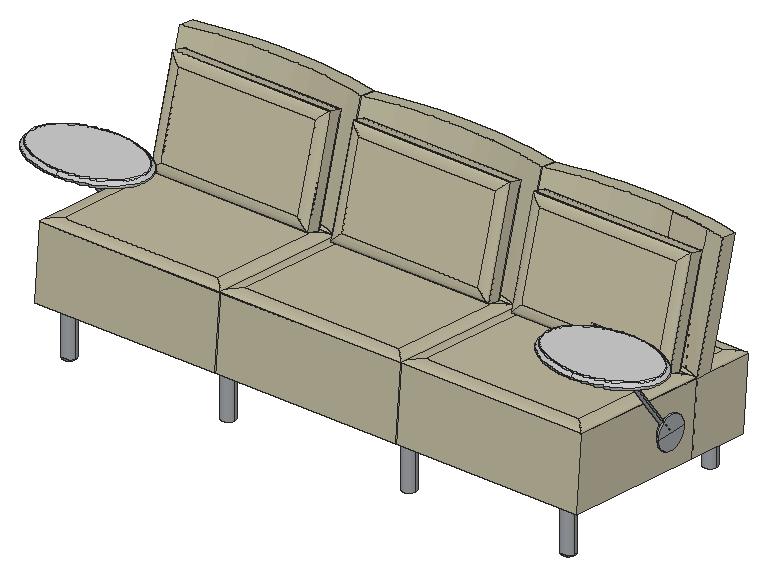
Revit family
Parameters
  URL = "http://www.martinbrattrud.com"
  Table Top [instance] = none
  SCS Certified Product = "Yes"
  Model = "Stonehenge 915-83T"
  Manufacturer = "Martin Brattrud, Inc."
  Leg [instance] = none
  Keynote = "125000"
  Copyright = "© 2013 Martin Brattrud, Inc."
  Chair [instance] = none
  Back Cushion [instance] = none
  Authoring Version = "Revit Architecture 2010"
  Assembly Code = "E2020200"
Reference planes (in)
  plane 1 "Center Front/Back": y = 0
  plane 2: z = 0
  plane 3: x = -13.47209
  plane 4: x = 40.52791
  plane 5: x = 67.52791
  plane 6: x = 13.52791
Forms (in)
  Extrusion 1, solid, material <- "Chair"
    sketch origin (0, 0.52946, 5.84845) x (0, -0.995927, 0.090161) y (-1, 0, 0)
      loop
        line (-14.83695, -13.52791) -> (-5.2106, -13.52791) -> (-5.2106, 13.47209) -> (-14.83695, 13.47209) -> (-14.83695, -13.52791)
    from -10.4513 to -0.00014
  Extrusion 2, solid, material <- "Chair"
    sketch origin (0, 10.90822, 4.90887) x (0, 0.995927, -0.090161) y (1, 0, 0)
      loop
        line (-26.7106, 13.52791) -> (-26.7106, -13.47209) -> (-5.2106, -13.47209) -> (-5.2106, 13.52791) -> (-26.7106, 13.52791)
    from -10.4513 to 0.00024
  Sweep 3, solid, material <- "Chair"
    path in 3D
      loop
        line (13.52791, -14.7513, 17.72585) -> (13.52791, 6.66113, 15.7874) -> (-13.47209, 6.66113, 15.7874) -> (-13.47209, -14.7513, 17.72585) -> (13.52791, -14.7513, 17.72585)
    profile origin (0.02791, -14.7513, 17.72585) x (0, 0.995927, -0.090161) y (0, 0.090161, 0.995927)
      loop
        line (2.03125, 0) -> (2.03125, 0.52839)
        spline (2.03125, 0.52839) -> (1.7702, 0.52387) -> (1.51361, 0.51039) -> (1.26588, 0.48817) -> (1.03125, 0.4576) -> (0.81373, 0.4192) -> (0.61704, 0.37363) -> (0.44454, 0.32166) -> (0.2992, 0.2642) -> (0.18349, 0.20221) -> (0.0994, 0.13676) -> (0.04836, 0.06897) -> (0.03125, 0)
        line (0.03125, 0) -> (2.03125, 0)
  Extrusion 4, solid, material <- "Chair"
    sketch origin (0, 0, 0) x (0, 1, 0) y (0, 0, 1)
      loop
        line (4.68579, 16.49677) -> (-12.68069, 18.06895) -> (-12.72833, 17.54271) -> (4.63815, 15.97053) -> (4.68579, 16.49677)
    from -11.44084 to 11.49666
  Sweep 5, solid, material <- "Chair"
    path in 3D
      loop
        line (-13.47209, 16.24828, 14.91948) -> (-13.47209, 6.66113, 15.7874) -> (13.52791, 6.66113, 15.7874) -> (13.52791, 16.24828, 14.91948) -> (-13.47209, 16.24828, 14.91948)
    profile origin (0.02791, 16.24828, 14.91948) x (0, -0.995927, 0.090161) y (0, 0.090161, 0.995927)
      loop
        line (2.03125, 0) -> (2.03125, 0.45358)
        spline (2.03125, 0.45358) -> (1.7702, 0.4497) -> (1.51361, 0.43812) -> (1.26588, 0.41905) -> (1.03125, 0.39281) -> (0.81373, 0.35985) -> (0.61704, 0.32073) -> (0.44454, 0.27612) -> (0.2992, 0.22679) -> (0.18349, 0.17358) -> (0.0994, 0.11739) -> (0.04836, 0.0592) -> (0.03125, 0)
        line (0.03125, 0) -> (2.03125, 0)
  Extrusion 6, solid, material <- "Chair"
    sketch origin (0, 0, 0) x (0, 1, 0) y (0, 0, 1)
      loop
        line (9.98768, 30.76355) -> (8.06607, 31.31925) -> (3.89659, 16.90046) -> (5.81732, 16.34476) -> (9.98768, 30.76355)
    from -11.75 to 11.75
  Sweep 7, solid, material <- "Chair"
    path in 3D
      loop
        line (-11.75, 8.06607, 31.31925) -> (-11.75, 3.89659, 16.90046) -> (11.75, 3.89659, 16.90046) -> (11.75, 8.06607, 31.31925) -> (-11.75, 8.06607, 31.31925)
    profile origin (0, 8.06607, 31.31925) x (0, -0.277789, -0.960642) y (0, -0.960642, 0.277789)
      loop
        line (0.03125, 0) -> (1.53125, 0) -> (1.53125, 0.46962)
        spline (1.53125, 0.46962) -> (1.33546, 0.4656) -> (1.14302, 0.45362) -> (0.95722, 0.43387) -> (0.78125, 0.4067) -> (0.61811, 0.37258) -> (0.47059, 0.33207) -> (0.34122, 0.28589) -> (0.23221, 0.23481) -> (0.14543, 0.17972) -> (0.08236, 0.12155) -> (0.04408, 0.0613) -> (0.03125, 0)
  Extrusion 8, solid, material <- "Chair"
    sketch origin (0, 0, 0) x (0, 1, 0) y (0, 0, 1)
      loop
        line (7.64071, 29.84827) -> (7.18957, 29.97873) -> (3.87082, 18.5019) -> (4.32195, 18.37145) -> (7.64071, 29.84827)
    from -10.21875 to 10.21875
  Extrusion 9, solid, material <- "Back Cushion"
    sketch origin (0, 9.59309, 33.0573) x (0, -0.960379, 0.278698) y (-1, 0, 0)
      loop
        line (-4.41407, -13.52791) -> (-2.01313, -13.52791)
        spline (-2.01313, -13.52791) -> (-2.62012, -11.33193) -> (-3.11901, -9.10663) -> (-3.5085, -6.85778) -> (-3.78759, -4.59121) -> (-3.95553, -2.31278) -> (-4.01191, -0.02841) -> (-3.95658, 2.25599) -> (-3.78967, 4.5345) -> (-3.51163, 6.80122) -> (-3.12317, 9.05026) -> (-2.6253, 11.27581) -> (-2.01931, 13.47209)
        line (-2.01931, 13.47209) -> (-4.42025, 13.47209)
        spline (-4.42025, 13.47209) -> (-5.02624, 11.27581) -> (-5.52412, 9.05026) -> (-5.91258, 6.80122) -> (-6.19062, 4.5345) -> (-6.35753, 2.25599) -> (-6.41286, -0.02841) -> (-6.35648, -2.31278) -> (-6.18853, -4.59121) -> (-5.90945, -6.85778) -> (-5.51996, -9.10663) -> (-5.02107, -11.33193) -> (-4.41407, -13.52791)
    from -2.42207 to 17.57683
  Extrusion 10, void
    sketch origin (0, 0, 0) x (0, 1, 0) y (0, 0, 1)
      loop
        line (16.47346, 31.64061) -> (16.894, 34.06774) -> (11.72108, 34.96404) -> (11.30054, 32.5369) -> (16.47346, 31.64061)
      loop
        line (6.40792, 15.81305) -> (6.22512, 13.81373) -> (12.28534, 13.25965) -> (12.46814, 15.25896) -> (6.40792, 15.81305)
    from -15.22442 to 73.16292
  Extrusion 11, solid, material <- "Leg"
    sketch origin (-23.80249, 0, 0) x (1, 0, 0) y (0, 1, 0)
      loop
        circle (37.30583, -13.20254) r 1
    from 0.25 to 7.25
  Revolve 12, solid, material <- "Leg"
    sketch origin (-10.25, 0, 0) x (0, 1, 0) y (0, 0, 1)
      loop
        line (-12.20254, 0.25) -> (-13.20254, 0.25) -> (-13.20254, 0) -> (-12.45254, 0)
        arc (-12.45254, 0) -> (-12.27577, 0.07322) -> (-12.20254, 0.25) r 0.25
      axis (-13.20254, 0) -> (-13.20254, 0.25)
    angle from 0 to 360
  Revolve 13, solid, material <- "Leg"
    sketch origin (-10.25, 0, 0) x (0, -1, 0) y (0, 0, -1)
      loop
        arc (-12.20254, -0.25) -> (-12.27577, -0.07322) -> (-12.45254, 0) r 0.25
        line (-12.45254, 0) -> (-13.20254, 0) -> (-13.20254, -0.25) -> (-12.20254, -0.25)
      axis (-13.20254, 0) -> (-13.20254, -0.25)
    angle from 0 to 360
  Extrusion 14, solid, material <- "Leg"
    sketch origin (-23.80249, 0, 0) x (1, 0, 0) y (0, 1, 0)
      loop
        circle (37.30583, 13.20254) r 1
    from 0.25 to 4.90693
  Sweep 15, solid, material <- "Chair"
    path in 3D
      loop
        line (11.49666, 8.725, 16.05599) -> (11.49666, 8.68411, 15.60426)
    profile origin (11.49666, 8.70456, 15.83012) x (0, -0.995927, 0.090161) y (-1, 0, 0)
      loop
        line (0, 22.88167) -> (-5.56385, 22.88167) -> (-5.56385, 0) -> (0, 0) -> (0, 22.88167)
  Sweep 16, solid, material <- "Chair"
    path in 3D
      loop
        line (-10.21875, 7.18957, 29.97873) -> (-10.21875, 7.64071, 29.84827)
    profile origin (-10.21875, 7.41514, 29.9135) x (0, -0.277789, -0.960642) y (-1, 0, 0)
      loop
        line (0, 0) -> (0, -20.4375) -> (11.94703, -20.4375) -> (11.94703, 0) -> (0, 0)
  Sweep 17, solid, material <- "Chair"
    path in 3D
      loop
        line (-11.75, 9.98768, 30.76355) -> (-11.75, 5.81771, 16.3449) -> (11.75, 5.81771, 16.3449) -> (11.75, 9.98768, 30.76355) -> (-11.75, 9.98768, 30.76355)
    profile origin (0, 9.98768, 30.76355) x (0, 0.277821, 0.960633) y (0, 0.960633, -0.277821)
      loop
        spline (-0.03125, 0) -> (-0.04408, 0.0613) -> (-0.08236, 0.12155) -> (-0.14543, 0.17972) -> (-0.23221, 0.23481) -> (-0.34122, 0.28589) -> (-0.47059, 0.33207) -> (-0.61811, 0.37258) -> (-0.78125, 0.4067) -> (-0.95722, 0.43387) -> (-1.14302, 0.45362) -> (-1.33546, 0.4656) -> (-1.53125, 0.46962)
        line (-1.53125, 0.46962) -> (-1.53125, 0) -> (-0.03125, 0)
  Extrusion 18, solid, material <- "Chair"
    sketch origin (0, 0.0924, -0.02672) x (0, -0.845649, 0.53374) y (0, -0.53374, -0.845649)
      loop
        line (7.64071, -29.84827) -> (4.32195, -18.37145) -> (3.87082, -18.5019) -> (7.18957, -29.97873) -> (7.64071, -29.84827)
    from -10.21875 to 10.21875
  Sweep 19, solid, material <- "Chair"
    path in 3D
      loop
        line (-10.21875, 9.56227, 29.29258) -> (-10.21875, 10.0134, 29.16211)
    profile origin (-10.21875, 9.78783, 29.22734) x (0, -0.277821, -0.960633) y (-1, 0, 0)
      loop
        line (0, 0) -> (0, -20.4375) -> (11.94703, -20.4375) -> (11.94703, 0) -> (0, 0)
  Extrusion 20, solid, material <- "Back Cushion"
    sketch origin (26.94417, 9.59309, 33.0573) x (0, -0.960379, 0.278698) y (-1, 0, 0)
      loop
        line (-4.39712, -13.58374) -> (-1.99617, -13.58374)
        spline (-1.99617, -13.58374) -> (-2.60592, -11.38858) -> (-3.10759, -9.16396) -> (-3.4999, -6.91564) -> (-3.78182, -4.64944) -> (-3.95262, -2.37124) -> (-4.01186, -0.08694) -> (-3.95939, 2.19753) -> (-3.79534, 4.47627) -> (-3.52013, 6.74336) -> (-3.13449, 8.99293) -> (-2.6394, 11.21916) -> (-2.03616, 13.41626)
        line (-2.03616, 13.41626) -> (-4.43711, 13.41626)
        spline (-4.43711, 13.41626) -> (-5.04035, 11.21916) -> (-5.53543, 8.99293) -> (-5.92108, 6.74336) -> (-6.19628, 4.47627) -> (-6.36034, 2.19753) -> (-6.41281, -0.08694) -> (-6.35357, -2.37124) -> (-6.18277, -4.64944) -> (-5.90085, -6.91564) -> (-5.50854, -9.16396) -> (-5.00686, -11.38858) -> (-4.39712, -13.58374)
    from -2.42207 to 17.57683
  Extrusion 21, solid, material <- "Chair"
    sketch origin (26.94417, 10.90822, 4.90887) x (0, 0.995927, -0.090161) y (1, 0, 0)
      loop
        line (-26.7106, 13.58374) -> (-26.7106, -13.41626) -> (-5.2106, -13.41626) -> (-5.2106, 13.58374) -> (-26.7106, 13.58374)
    from -10.4513 to 0.00024
  Extrusion 22, solid, material <- "Chair"
    sketch origin (26.94417, 0.52946, 5.84845) x (0, -0.995927, 0.090161) y (-1, 0, 0)
      loop
        line (-14.83695, -13.58374) -> (-5.2106, -13.58374) -> (-5.2106, 13.41626) -> (-14.83695, 13.41626) -> (-14.83695, -13.58374)
    from -10.4513 to -0.00014
  Sweep 23, solid, material <- "Chair"
    path in 3D
      loop
        line (40.52791, -14.7513, 17.72585) -> (40.52791, 6.66113, 15.7874) -> (13.47209, 6.66113, 15.7874) -> (13.47209, -14.7513, 17.72585) -> (40.52791, -14.7513, 17.72585)
    profile origin (27, -14.7513, 17.72585) x (0, 0.995927, -0.090161) y (0, 0.090161, 0.995927)
      loop
        line (2.03125, 0) -> (2.03125, 0.52839)
        spline (2.03125, 0.52839) -> (1.7702, 0.52387) -> (1.51361, 0.51039) -> (1.26588, 0.48817) -> (1.03125, 0.4576) -> (0.81373, 0.4192) -> (0.61704, 0.37363) -> (0.44454, 0.32166) -> (0.2992, 0.2642) -> (0.18349, 0.20221) -> (0.0994, 0.13676) -> (0.04836, 0.06897) -> (0.03125, 0)
        line (0.03125, 0) -> (2.03125, 0)
  Extrusion 24, solid, material <- "Chair"
    sketch origin (26.94417, 0, 0) x (0, 1, 0) y (0, 0, 1)
      loop
        line (4.68579, 16.49677) -> (-12.68069, 18.06895) -> (-12.72833, 17.54271) -> (4.63815, 15.97053) -> (4.68579, 16.49677)
    from -11.44084 to 11.55249
  Sweep 25, solid, material <- "Chair"
    path in 3D
      loop
        line (13.47209, 16.24828, 14.91948) -> (13.47209, 6.66113, 15.7874) -> (40.52807, 6.66113, 15.7874) -> (40.52807, 16.24828, 14.91948) -> (13.47209, 16.24828, 14.91948)
    profile origin (27.00008, 16.24828, 14.91948) x (0, -0.995927, 0.090161) y (0, 0.090161, 0.995927)
      loop
        line (2.03125, 0) -> (2.03125, 0.45358)
        spline (2.03125, 0.45358) -> (1.7702, 0.4497) -> (1.51361, 0.43812) -> (1.26588, 0.41905) -> (1.03125, 0.39281) -> (0.81373, 0.35985) -> (0.61704, 0.32073) -> (0.44454, 0.27612) -> (0.2992, 0.22679) -> (0.18349, 0.17358) -> (0.0994, 0.11739) -> (0.04836, 0.0592) -> (0.03125, 0)
        line (0.03125, 0) -> (2.03125, 0)
  Sweep 26, solid, material <- "Chair"
    path in 3D
      loop
        line (38.49682, 8.725, 16.05599) -> (38.49682, 8.68411, 15.60426)
    profile origin (38.49682, 8.70456, 15.83012) x (0, -0.995927, 0.090161) y (-1, 0, 0)
      loop
        line (0, 22.99348) -> (-5.56385, 22.99348) -> (-5.56385, 0) -> (0, 0) -> (0, 22.99348)
  Extrusion 27, solid, material <- "Chair"
    sketch origin (26.94417, 0, 0) x (0, 1, 0) y (0, 0, 1)
      loop
        line (9.98768, 30.76355) -> (8.06607, 31.31925) -> (3.89659, 16.90046) -> (5.81732, 16.34476) -> (9.98768, 30.76355)
    from -11.75 to 11.75
  Sweep 28, solid, material <- "Chair"
    path in 3D
      loop
        line (15.19417, 8.06607, 31.31925) -> (15.19417, 3.89659, 16.90046) -> (38.69417, 3.89659, 16.90046) -> (38.69417, 8.06607, 31.31925) -> (15.19417, 8.06607, 31.31925)
    profile origin (26.94417, 8.06607, 31.31925) x (0, -0.277789, -0.960642) y (0, -0.960642, 0.277789)
      loop
        line (0.03125, 0) -> (1.53125, 0) -> (1.53125, 0.46962)
        spline (1.53125, 0.46962) -> (1.33546, 0.4656) -> (1.14302, 0.45362) -> (0.95722, 0.43387) -> (0.78125, 0.4067) -> (0.61811, 0.37258) -> (0.47059, 0.33207) -> (0.34122, 0.28589) -> (0.23221, 0.23481) -> (0.14543, 0.17972) -> (0.08236, 0.12155) -> (0.04408, 0.0613) -> (0.03125, 0)
  Extrusion 29, solid, material <- "Chair"
    sketch origin (26.94417, 0, 0) x (0, 1, 0) y (0, 0, 1)
      loop
        line (7.64071, 29.84827) -> (7.18957, 29.97873) -> (3.87082, 18.5019) -> (4.32195, 18.37145) -> (7.64071, 29.84827)
    from -10.21875 to 10.21875
  Extrusion 30, solid, material <- "Back Cushion"
    sketch origin (26.94417, 9.59309, 33.0573) x (0, -0.960379, 0.278698) y (-1, 0, 0)
      loop
        line (-4.39712, -13.58374) -> (-1.99617, -13.58374)
        spline (-1.99617, -13.58374) -> (-2.60592, -11.38858) -> (-3.10759, -9.16396) -> (-3.4999, -6.91564) -> (-3.78182, -4.64944) -> (-3.95262, -2.37124) -> (-4.01186, -0.08694) -> (-3.95939, 2.19753) -> (-3.79534, 4.47627) -> (-3.52013, 6.74336) -> (-3.13449, 8.99293) -> (-2.6394, 11.21916) -> (-2.03616, 13.41626)
        line (-2.03616, 13.41626) -> (-4.43711, 13.41626)
        spline (-4.43711, 13.41626) -> (-5.04035, 11.21916) -> (-5.53543, 8.99293) -> (-5.92108, 6.74336) -> (-6.19628, 4.47627) -> (-6.36034, 2.19753) -> (-6.41281, -0.08694) -> (-6.35357, -2.37124) -> (-6.18277, -4.64944) -> (-5.90085, -6.91564) -> (-5.50854, -9.16396) -> (-5.00686, -11.38858) -> (-4.39712, -13.58374)
    from -2.42207 to 17.57683
  Sweep 31, solid, material <- "Chair"
    path in 3D
      loop
        line (15.19417, 9.98768, 30.76355) -> (15.19417, 5.81771, 16.3449) -> (38.69417, 5.81771, 16.3449) -> (38.69417, 9.98768, 30.76355) -> (15.19417, 9.98768, 30.76355)
    profile origin (26.94417, 9.98768, 30.76355) x (0, 0.277821, 0.960633) y (0, 0.960633, -0.277821)
      loop
        spline (-0.03125, 0) -> (-0.04408, 0.0613) -> (-0.08236, 0.12155) -> (-0.14543, 0.17972) -> (-0.23221, 0.23481) -> (-0.34122, 0.28589) -> (-0.47059, 0.33207) -> (-0.61811, 0.37258) -> (-0.78125, 0.4067) -> (-0.95722, 0.43387) -> (-1.14302, 0.45362) -> (-1.33546, 0.4656) -> (-1.53125, 0.46962)
        line (-1.53125, 0.46962) -> (-1.53125, 0) -> (-0.03125, 0)
  Extrusion 32, solid, material <- "Chair"
    sketch origin (26.94417, 0.0924, -0.02672) x (0, -0.845649, 0.53374) y (0, -0.53374, -0.845649)
      loop
        line (7.64071, -29.84827) -> (4.32195, -18.37145) -> (3.87082, -18.5019) -> (7.18957, -29.97873) -> (7.64071, -29.84827)
    from -10.21875 to 10.21875
  Sweep 33, solid, material <- "Chair"
    path in 3D
      loop
        line (16.72542, 9.56227, 29.29258) -> (16.72542, 10.0134, 29.16211)
    profile origin (16.72542, 9.78783, 29.22734) x (0, -0.277821, -0.960633) y (-1, 0, 0)
      loop
        line (0, 0) -> (0, -20.4375) -> (11.94703, -20.4375) -> (11.94703, 0) -> (0, 0)
  Extrusion 34, solid, material <- "Leg"
    sketch origin (3.19751, 0, 0) x (1, 0, 0) y (0, 1, 0)
      loop
        circle (37.30583, -13.20254) r 1
    from 0.25 to 7.25
  Extrusion 35, solid, material <- "Leg"
    sketch origin (3.19751, 0, 0) x (1, 0, 0) y (0, 1, 0)
      loop
        circle (37.30583, 13.20254) r 1
    from 0.25 to 4.90693
  Extrusion 36, solid, material <- "Back Cushion"
    sketch origin (53.94417, 9.59309, 33.0573) x (0, -0.960379, 0.278698) y (-1, 0, 0)
      loop
        line (-4.39712, -13.58374) -> (-1.99617, -13.58374)
        spline (-1.99617, -13.58374) -> (-2.60592, -11.38858) -> (-3.10759, -9.16396) -> (-3.4999, -6.91564) -> (-3.78182, -4.64944) -> (-3.95262, -2.37124) -> (-4.01186, -0.08694) -> (-3.95939, 2.19753) -> (-3.79534, 4.47627) -> (-3.52013, 6.74336) -> (-3.13449, 8.99293) -> (-2.6394, 11.21916) -> (-2.03616, 13.41626)
        line (-2.03616, 13.41626) -> (-4.43711, 13.41626)
        spline (-4.43711, 13.41626) -> (-5.04035, 11.21916) -> (-5.53543, 8.99293) -> (-5.92108, 6.74336) -> (-6.19628, 4.47627) -> (-6.36034, 2.19753) -> (-6.41281, -0.08694) -> (-6.35357, -2.37124) -> (-6.18277, -4.64944) -> (-5.90085, -6.91564) -> (-5.50854, -9.16396) -> (-5.00686, -11.38858) -> (-4.39712, -13.58374)
    from -2.42207 to 17.57683
  Extrusion 37, solid, material <- "Chair"
    sketch origin (53.94417, 10.90822, 4.90887) x (0, 0.995927, -0.090161) y (1, 0, 0)
      loop
        line (-26.7106, -13.41626) -> (-5.2106, -13.41626) -> (-5.2106, 13.58374) -> (-26.7106, 13.58374) -> (-26.7106, -13.41626)
    from -10.4513 to 0.00024
  Extrusion 38, solid, material <- "Chair"
    sketch origin (53.94417, 0.52946, 5.84845) x (0, -0.995927, 0.090161) y (-1, 0, 0)
      loop
        line (-14.83695, -13.58374) -> (-5.2106, -13.58374) -> (-5.2106, 13.41626) -> (-14.83695, 13.41626) -> (-14.83695, -13.58374)
    from -10.4513 to -0.00014
  Sweep 39, solid, material <- "Chair"
    path in 3D
      loop
        line (40.47209, 16.24828, 14.91948) -> (40.47209, 6.66113, 15.7874) -> (67.52807, 6.66113, 15.7874) -> (67.52807, 16.24828, 14.91948) -> (40.47209, 16.24828, 14.91948)
    profile origin (54.00008, 16.24828, 14.91948) x (0, -0.995927, 0.090161) y (0, 0.090161, 0.995927)
      loop
        line (2.03125, 0) -> (2.03125, 0.45358)
        spline (2.03125, 0.45358) -> (1.7702, 0.4497) -> (1.51361, 0.43812) -> (1.26588, 0.41905) -> (1.03125, 0.39281) -> (0.81373, 0.35985) -> (0.61704, 0.32073) -> (0.44454, 0.27612) -> (0.2992, 0.22679) -> (0.18349, 0.17358) -> (0.0994, 0.11739) -> (0.04836, 0.0592) -> (0.03125, 0)
        line (0.03125, 0) -> (2.03125, 0)
  Sweep 40, solid, material <- "Chair"
    path in 3D
      loop
        line (65.49682, 8.725, 16.05599) -> (65.49682, 8.68411, 15.60426)
    profile origin (65.49682, 8.70456, 15.83012) x (0, -0.995927, 0.090161) y (-1, 0, 0)
      loop
        line (0, 22.99348) -> (-5.56385, 22.99348) -> (-5.56385, 0) -> (0, 0) -> (0, 22.99348)
  Sweep 41, solid, material <- "Chair"
    path in 3D
      loop
        line (67.41626, -14.7513, 17.72585) -> (67.41626, 6.66113, 15.7874) -> (40.47209, 6.66113, 15.7874) -> (40.47209, -14.7513, 17.72585) -> (67.41626, -14.7513, 17.72585)
    profile origin (53.94417, -14.7513, 17.72585) x (0, 0.995927, -0.090161) y (0, 0.090161, 0.995927)
      loop
        line (2.03125, 0) -> (2.03125, 0.52839)
        spline (2.03125, 0.52839) -> (1.7702, 0.52387) -> (1.51361, 0.51039) -> (1.26588, 0.48817) -> (1.03125, 0.4576) -> (0.81373, 0.4192) -> (0.61704, 0.37363) -> (0.44454, 0.32166) -> (0.2992, 0.2642) -> (0.18349, 0.20221) -> (0.0994, 0.13676) -> (0.04836, 0.06897) -> (0.03125, 0)
        line (0.03125, 0) -> (2.03125, 0)
  Extrusion 42, solid, material <- "Chair"
    sketch origin (53.94417, 0, 0) x (0, 1, 0) y (0, 0, 1)
      loop
        line (4.68579, 16.49677) -> (-12.68069, 18.06895) -> (-12.72833, 17.54271) -> (4.63815, 15.97053) -> (4.68579, 16.49677)
    from -11.44084 to 11.44084
  Extrusion 43, solid, material <- "Chair"
    sketch origin (53.94417, 0, 0) x (0, 1, 0) y (0, 0, 1)
      loop
        line (9.98768, 30.76355) -> (8.06607, 31.31925) -> (3.89659, 16.90046) -> (5.81732, 16.34476) -> (9.98768, 30.76355)
    from -11.75 to 11.75
  Sweep 44, solid, material <- "Chair"
    path in 3D
      loop
        line (42.19417, 8.06607, 31.31925) -> (42.19417, 3.89659, 16.90046) -> (65.69417, 3.89659, 16.90046) -> (65.69417, 8.06607, 31.31925) -> (42.19417, 8.06607, 31.31925)
    profile origin (53.94417, 8.06607, 31.31925) x (0, -0.277789, -0.960642) y (0, -0.960642, 0.277789)
      loop
        line (0.03125, 0) -> (1.53125, 0) -> (1.53125, 0.46962)
        spline (1.53125, 0.46962) -> (1.33546, 0.4656) -> (1.14302, 0.45362) -> (0.95722, 0.43387) -> (0.78125, 0.4067) -> (0.61811, 0.37258) -> (0.47059, 0.33207) -> (0.34122, 0.28589) -> (0.23221, 0.23481) -> (0.14543, 0.17972) -> (0.08236, 0.12155) -> (0.04408, 0.0613) -> (0.03125, 0)
  Extrusion 45, solid, material <- "Chair"
    sketch origin (53.94417, 0, 0) x (0, 1, 0) y (0, 0, 1)
      loop
        line (7.64071, 29.84827) -> (7.18957, 29.97873) -> (3.87082, 18.5019) -> (4.32195, 18.37145) -> (7.64071, 29.84827)
    from -10.21875 to 10.21875
  Extrusion 46, solid, material <- "Back Cushion"
    sketch origin (53.94417, 9.59309, 33.0573) x (0, -0.960379, 0.278698) y (-1, 0, 0)
      loop
        line (-4.39712, -13.58374) -> (-1.99617, -13.58374)
        spline (-1.99617, -13.58374) -> (-2.60592, -11.38858) -> (-3.10759, -9.16396) -> (-3.4999, -6.91564) -> (-3.78182, -4.64944) -> (-3.95262, -2.37124) -> (-4.01186, -0.08694) -> (-3.95939, 2.19753) -> (-3.79534, 4.47627) -> (-3.52013, 6.74336) -> (-3.13449, 8.99293) -> (-2.6394, 11.21916) -> (-2.03616, 13.41626)
        line (-2.03616, 13.41626) -> (-4.43711, 13.41626)
        spline (-4.43711, 13.41626) -> (-5.04035, 11.21916) -> (-5.53543, 8.99293) -> (-5.92108, 6.74336) -> (-6.19628, 4.47627) -> (-6.36034, 2.19753) -> (-6.41281, -0.08694) -> (-6.35357, -2.37124) -> (-6.18277, -4.64944) -> (-5.90085, -6.91564) -> (-5.50854, -9.16396) -> (-5.00686, -11.38858) -> (-4.39712, -13.58374)
    from -2.42207 to 17.57683
  Sweep 47, solid, material <- "Chair"
    path in 3D
      loop
        line (42.19417, 9.98768, 30.76355) -> (42.19417, 5.81771, 16.3449) -> (65.69417, 5.81771, 16.3449) -> (65.69417, 9.98768, 30.76355) -> (42.19417, 9.98768, 30.76355)
    profile origin (53.94417, 9.98768, 30.76355) x (0, 0.277821, 0.960633) y (0, 0.960633, -0.277821)
      loop
        spline (-0.03125, 0) -> (-0.04408, 0.0613) -> (-0.08236, 0.12155) -> (-0.14543, 0.17972) -> (-0.23221, 0.23481) -> (-0.34122, 0.28589) -> (-0.47059, 0.33207) -> (-0.61811, 0.37258) -> (-0.78125, 0.4067) -> (-0.95722, 0.43387) -> (-1.14302, 0.45362) -> (-1.33546, 0.4656) -> (-1.53125, 0.46962)
        line (-1.53125, 0.46962) -> (-1.53125, 0) -> (-0.03125, 0)
  Extrusion 48, solid, material <- "Chair"
    sketch origin (53.94417, 0.0924, -0.02672) x (0, -0.845649, 0.53374) y (0, -0.53374, -0.845649)
      loop
        line (7.64071, -29.84827) -> (4.32195, -18.37145) -> (3.87082, -18.5019) -> (7.18957, -29.97873) -> (7.64071, -29.84827)
    from -10.21875 to 10.21875
  Sweep 49, solid, material <- "Chair"
    path in 3D
      loop
        line (43.72542, 9.56227, 29.29258) -> (43.72542, 10.0134, 29.16211)
    profile origin (43.72542, 9.78783, 29.22734) x (0, -0.277821, -0.960633) y (-1, 0, 0)
      loop
        line (0, 0) -> (0, -20.4375) -> (11.94703, -20.4375) -> (11.94703, 0) -> (0, 0)
  Extrusion 50, solid, material <- "Leg"
    sketch origin (-47.55249, 0, 0) x (1, 0, 0) y (0, 1, 0)
      loop
        circle (37.30583, -13.20254) r 1
    from 0.25 to 7.25
  Extrusion 51, solid, material <- "Leg"
    sketch origin (-47.55249, 0, 0) x (1, 0, 0) y (0, 1, 0)
      loop
        circle (37.30583, 13.20254) r 1
    from 0.25 to 4.90693
  Extrusion 52, solid, material <- "Leg"
    sketch origin (101.60831, 0, 0) x (-1, 0, 0) y (0, -1, 0)
      loop
        circle (37.30583, 13.20254) r 1
    from 0.25 to 7.25
  Extrusion 53, solid, material <- "Leg"
    sketch origin (101.60831, 0, 0) x (-1, 0, 0) y (0, -1, 0)
      loop
        circle (37.30583, -13.20254) r 1
    from 0.25 to 4.90693
  Sweep 54, solid, material <- "Leg"
    path in 3D
      loop
        line (-13.80104, 1.09765, 11.15112) -> (-13.80104, -8.45386, 24.29765)
    profile origin (-13.80104, -3.67811, 17.72438) x (-1, 0, 0) y (0, -0.809017, -0.587785)
      loop
        circle (0, 0) r 0.27955
  Extrusion 55, solid, material <- "Leg"
    sketch origin (0, 0.00575, 0) x (1, 0, 0) y (0, 1, 0)
      loop
        circle (-13.80104, -8.22748) r 2
    from 24.00353 to 24.12853
  Revolve 56, solid, material <- "Leg"
    sketch origin (0, 0.00575, 11.375) x (-1, 0, 0) y (0, 1, 0)
      loop
        line (14.38, -1.5074) -> (14.38, 0.8676) -> (13.47209, 0.8676) -> (13.47209, -1.0074) -> (14.13, -1.0074) -> (14.13, -1.5074) -> (14.38, -1.5074)
      axis (13.47209, 0.8676) -> (14.38, 0.8676)
    angle from 0 to 360
  Sweep 57, solid, material <- "Table Top"
    path in 3D
      loop
        spline (-11.44171, -2.2374, 24.12853) -> (-9.11234, -2.44185, 24.12853) -> (-6.94171, -3.04125, 24.12853) -> (-5.07775, -3.99476, 24.12853) -> (-3.64748, -5.2374, 24.12853) -> (-2.74838, -6.68449, 24.12853) -> (-2.44171, -8.2374, 24.12853) -> (-2.74838, -9.79032, 24.12853) -> (-3.64748, -11.2374, 24.12853) -> (-5.07775, -12.48004, 24.12853) -> (-6.94171, -13.43355, 24.12853) -> (-9.11234, -14.03296, 24.12853) -> (-11.44171, -14.2374, 24.12853)
        spline (-11.44171, -14.2374, 24.12853) -> (-13.77108, -14.03296, 24.12853) -> (-15.94171, -13.43355, 24.12853) -> (-17.80567, -12.48004, 24.12853) -> (-19.23594, -11.2374, 24.12853) -> (-20.13504, -9.79032, 24.12853) -> (-20.44171, -8.2374, 24.12853) -> (-20.13504, -6.68449, 24.12853) -> (-19.23594, -5.2374, 24.12853) -> (-17.80567, -3.99476, 24.12853) -> (-15.94171, -3.04125, 24.12853) -> (-13.77108, -2.44185, 24.12853) -> (-11.44171, -2.2374, 24.12853)
    profile origin (-20.44171, -8.2374, 24.12853) x (-1, 0, 0) y (0, 0, 1)
      loop
        line (-2.02252, 0.75) -> (-2.02252, 0) -> (-0.14497, 0)
        arc (-0.14497, 0) -> (-0.03102, 0.07363) -> (-0.05131, 0.20778) r 0.125
        line (-0.05131, 0.20778) -> (-0.49321, 0.70778)
        arc (-0.49321, 0.70778) -> (-0.5355, 0.73896) -> (-0.58687, 0.75) r 0.125
        line (-0.58687, 0.75) -> (-2.02252, 0.75)
  Extrusion 58, solid, material <- "Table Top"
    sketch origin (-19.66919, 5.56364, 0) x (0, 1, 0) y (-1, 0, 0)
      loop
        spline (-17.77853, -8.22748) -> (-17.60557, -10.20118) -> (-17.10964, -12.00095) -> (-16.36085, -13.46955) -> (-15.47705, -14.49272) -> (-14.59987, -15.04411) -> (-13.80104, -15.20497) -> (-13.00222, -15.04411) -> (-12.12504, -14.49272) -> (-11.24124, -13.46955) -> (-10.49245, -12.00095) -> (-9.99652, -10.20118) -> (-9.82356, -8.22748)
        spline (-9.82356, -8.22748) -> (-9.99652, -6.25378) -> (-10.49245, -4.45401) -> (-11.24124, -2.98541) -> (-12.12504, -1.96224) -> (-13.00222, -1.41085) -> (-13.80104, -1.25) -> (-14.59987, -1.41085) -> (-15.47705, -1.96224) -> (-16.36085, -2.98541) -> (-17.10964, -4.45401) -> (-17.60557, -6.25378) -> (-17.77853, -8.22748)
    from 24.12853 to 24.87853
  Revolve 59, solid, material <- "Leg"
    sketch origin (64.30583, 0, 0) x (0, 1, 0) y (0, 0, -1)
      loop
        arc (-12.20254, -0.25) -> (-12.27577, -0.07322) -> (-12.45254, 0) r 0.25
        line (-12.45254, 0) -> (-13.20254, 0) -> (-13.20254, -0.25) -> (-12.20254, -0.25)
      axis (-13.20254, 0) -> (-13.20254, -0.25)
    angle from 0 to 360
  Sweep 60, solid, material <- "Leg"
    path in 3D
      loop
        line (67.85687, 1.09765, 11.15112) -> (67.85687, -8.45386, 24.29765)
    profile origin (67.85687, -3.67811, 17.72438) x (-1, 0, 0) y (0, -0.809017, -0.587785)
      loop
        circle (0, 0) r 0.27955
  Extrusion 61, solid, material <- "Leg"
    sketch origin (54.05583, 0.00575, 0) x (-1, 0, 0) y (0, -1, 0)
      loop
        circle (-13.80104, 8.22748) r 2
    from 24.00353 to 24.12853
  Revolve 62, solid, material <- "Leg"
    sketch origin (54.05583, 0.00575, 11.375) x (1, 0, 0) y (0, 1, 0)
      loop
        line (14.38, -1.5074) -> (14.38, 0.8676) -> (13.47209, 0.8676) -> (13.47209, -1.0074) -> (14.13, -1.0074) -> (14.13, -1.5074) -> (14.38, -1.5074)
      axis (13.47209, 0.8676) -> (14.38, 0.8676)
    angle from 0 to 360
  Sweep 63, solid, material <- "Table Top"
    path in 3D
      loop
        spline (65.49754, -2.2374, 24.12853) -> (63.16817, -2.44185, 24.12853) -> (60.99754, -3.04125, 24.12853) -> (59.13358, -3.99476, 24.12853) -> (57.70331, -5.2374, 24.12853) -> (56.8042, -6.68449, 24.12853) -> (56.49754, -8.2374, 24.12853) -> (56.8042, -9.79032, 24.12853) -> (57.70331, -11.2374, 24.12853) -> (59.13358, -12.48004, 24.12853) -> (60.99754, -13.43355, 24.12853) -> (63.16817, -14.03296, 24.12853) -> (65.49754, -14.2374, 24.12853)
        spline (65.49754, -14.2374, 24.12853) -> (67.82691, -14.03296, 24.12853) -> (69.99754, -13.43355, 24.12853) -> (71.8615, -12.48004, 24.12853) -> (73.29177, -11.2374, 24.12853) -> (74.19087, -9.79032, 24.12853) -> (74.49754, -8.2374, 24.12853) -> (74.19087, -6.68449, 24.12853) -> (73.29177, -5.2374, 24.12853) -> (71.8615, -3.99476, 24.12853) -> (69.99754, -3.04125, 24.12853) -> (67.82691, -2.44185, 24.12853) -> (65.49754, -2.2374, 24.12853)
    profile origin (74.49754, -8.2374, 24.12853) x (-1, 0, 0) y (0, 0, 1)
      loop
        line (2.02252, 0.75) -> (0.58687, 0.75)
        arc (0.58687, 0.75) -> (0.5355, 0.73896) -> (0.49321, 0.70778) r 0.125
        line (0.49321, 0.70778) -> (0.05131, 0.20778)
        arc (0.05131, 0.20778) -> (0.03102, 0.07363) -> (0.14497, 0) r 0.125
        line (0.14497, 0) -> (2.02252, 0) -> (2.02252, 0.75)
  Extrusion 64, solid, material <- "Table Top"
    sketch origin (73.72502, 5.56364, 0) x (0, 1, 0) y (-1, 0, 0)
      loop
        spline (-17.77853, 8.22748) -> (-17.60557, 6.25378) -> (-17.10964, 4.45401) -> (-16.36085, 2.98541) -> (-15.47705, 1.96224) -> (-14.59987, 1.41085) -> (-13.80104, 1.25) -> (-13.00222, 1.41085) -> (-12.12504, 1.96224) -> (-11.24124, 2.98541) -> (-10.49245, 4.45401) -> (-9.99652, 6.25378) -> (-9.82356, 8.22748)
        spline (-9.82356, 8.22748) -> (-9.99652, 10.20118) -> (-10.49245, 12.00095) -> (-11.24124, 13.46955) -> (-12.12504, 14.49272) -> (-13.00222, 15.04411) -> (-13.80104, 15.20497) -> (-14.59987, 15.04411) -> (-15.47705, 14.49272) -> (-16.36085, 13.46955) -> (-17.10964, 12.00095) -> (-17.60557, 10.20118) -> (-17.77853, 8.22748)
    from 24.12853 to 24.87853
Cuts and joins
  Extrusion 10 cuts Extrusion 9
  joined: Sweep 7, Extrusion 8, Sweep 16
  joined: Sweep 17, Extrusion 18, Sweep 19
  joined: Sweep 5, Sweep 15
  Extrusion 10 cuts Extrusion 20
  joined: Sweep 3, Extrusion 4
  joined: Sweep 23, Extrusion 24
  joined: Sweep 25, Sweep 26
  Extrusion 10 cuts Extrusion 30
  joined: Sweep 28, Extrusion 29
  Extrusion 10 cuts Extrusion 46
  Extrusion 10 cuts Extrusion 36
  joined: Sweep 44, Extrusion 45
  joined: Sweep 41, Extrusion 42
  joined: Sweep 39, Sweep 40
  joined: Sweep 57, Extrusion 58
  joined: Sweep 63, Extrusion 64
Lines and regions (in)
  sketch lines
    curve 1: line (-13.47209, -14.7513, 17.72585) -> (13.52791, -14.7513, 17.72585)
    curve 2: line (-13.47209, 6.66113, 15.7874) -> (-13.47209, -14.7513, 17.72585)
    curve 3: line (13.52791, 6.66113, 15.7874) -> (-13.47209, 6.66113, 15.7874)
    curve 4: line (13.52791, -14.7513, 17.72585) -> (13.52791, 6.66113, 15.7874)
    curve 5: line (11.75, 8.06607, 31.31925) -> (-11.75, 8.06607, 31.31925)
    curve 6: line (-11.75, 3.89659, 16.90046) -> (-11.75, 8.06607, 31.31925)
    curve 7: line (11.75, 3.89659, 16.90046) -> (-11.75, 3.89659, 16.90046)
    curve 8: line (11.75, 8.06607, 31.31925) -> (11.75, 3.89659, 16.90046)
    curve 9: line (13.52791, 16.24828, 14.91948) -> (-13.47209, 16.24828, 14.91948)
    curve 10: line (13.52791, 6.66113, 15.7874) -> (13.52791, 16.24828, 14.91948)
    curve 11: line (-13.47209, 6.66113, 15.7874) -> (13.52791, 6.66113, 15.7874)
    curve 12: line (-13.47209, 16.24828, 14.91948) -> (-13.47209, 6.66113, 15.7874)
    curve 13: line (-10.21875, 7.18957, 29.97873) -> (-10.21875, 7.64071, 29.84827)
    curve 14: line (11.75, 9.98768, 30.76355) -> (-11.75, 9.98768, 30.76355)
    curve 15: line (-11.75, 5.81771, 16.3449) -> (-11.75, 9.98768, 30.76355)
    curve 16: line (11.75, 5.81771, 16.3449) -> (-11.75, 5.81771, 16.3449)
    curve 17: line (11.75, 9.98768, 30.76355) -> (11.75, 5.81771, 16.3449)
    curve 18: line (-10.21875, 9.56227, 29.29258) -> (-10.21875, 10.0134, 29.16211)
    curve 19: line (11.49666, 8.725, 16.05599) -> (11.49666, 8.68411, 15.60426)
    curve 20: line (13.47209, -14.7513, 17.72585) -> (40.52791, -14.7513, 17.72585)
    curve 21: line (13.47209, 6.66113, 15.7874) -> (13.47209, -14.7513, 17.72585)
    curve 22: line (40.52791, 6.66113, 15.7874) -> (13.47209, 6.66113, 15.7874)
    curve 23: line (40.52791, -14.7513, 17.72585) -> (40.52791, 6.66113, 15.7874)
    curve 24: line (40.52807, 16.24828, 14.91948) -> (13.47209, 16.24828, 14.91948)
    curve 25: line (40.52807, 6.66113, 15.7874) -> (40.52807, 16.24828, 14.91948)
    curve 26: line (13.47209, 6.66113, 15.7874) -> (40.52807, 6.66113, 15.7874)
    curve 27: line (13.47209, 16.24828, 14.91948) -> (13.47209, 6.66113, 15.7874)
    curve 28: line (38.49682, 8.725, 16.05599) -> (38.49682, 8.68411, 15.60426)
    curve 29: line (38.69417, 8.06607, 31.31925) -> (15.19417, 8.06607, 31.31925)
    curve 30: line (15.19417, 3.89659, 16.90046) -> (15.19417, 8.06607, 31.31925)
    curve 31: line (38.69417, 3.89659, 16.90046) -> (15.19417, 3.89659, 16.90046)
    curve 32: line (38.69417, 8.06607, 31.31925) -> (38.69417, 3.89659, 16.90046)
    curve 33: line (38.69417, 9.98768, 30.76355) -> (15.19417, 9.98768, 30.76355)
    curve 34: line (15.19417, 5.81771, 16.3449) -> (15.19417, 9.98768, 30.76355)
    curve 35: line (38.69417, 5.81771, 16.3449) -> (15.19417, 5.81771, 16.3449)
    curve 36: line (38.69417, 9.98768, 30.76355) -> (38.69417, 5.81771, 16.3449)
    curve 37: line (16.72542, 9.56227, 29.29258) -> (16.72542, 10.0134, 29.16211)
    curve 38: line (67.52807, 16.24828, 14.91948) -> (40.47209, 16.24828, 14.91948)
    curve 39: line (67.52807, 6.66113, 15.7874) -> (67.52807, 16.24828, 14.91948)
    curve 40: line (40.47209, 6.66113, 15.7874) -> (67.52807, 6.66113, 15.7874)
    curve 41: line (40.47209, 16.24828, 14.91948) -> (40.47209, 6.66113, 15.7874)
    curve 42: line (65.49682, 8.725, 16.05599) -> (65.49682, 8.68411, 15.60426)
    curve 43: line (40.47209, -14.7513, 17.72585) -> (67.41626, -14.7513, 17.72585)
    curve 44: line (40.47209, 6.66113, 15.7874) -> (40.47209, -14.7513, 17.72585)
    curve 45: line (67.41626, 6.66113, 15.7874) -> (40.47209, 6.66113, 15.7874)
    curve 46: line (67.41626, -14.7513, 17.72585) -> (67.41626, 6.66113, 15.7874)
    curve 47: line (65.69417, 8.06607, 31.31925) -> (42.19417, 8.06607, 31.31925)
    curve 48: line (42.19417, 3.89659, 16.90046) -> (42.19417, 8.06607, 31.31925)
    curve 49: line (65.69417, 3.89659, 16.90046) -> (42.19417, 3.89659, 16.90046)
    curve 50: line (65.69417, 8.06607, 31.31925) -> (65.69417, 3.89659, 16.90046)
    curve 51: line (65.69417, 9.98768, 30.76355) -> (42.19417, 9.98768, 30.76355)
    curve 52: line (42.19417, 5.81771, 16.3449) -> (42.19417, 9.98768, 30.76355)
    curve 53: line (65.69417, 5.81771, 16.3449) -> (42.19417, 5.81771, 16.3449)
    curve 54: line (65.69417, 9.98768, 30.76355) -> (65.69417, 5.81771, 16.3449)
    curve 55: line (43.72542, 9.56227, 29.29258) -> (43.72542, 10.0134, 29.16211)
    curve 56: line (-13.80104, 1.09765, 11.15112) -> (-13.80104, -8.45386, 24.29765)
    curve 57: spline (-11.44171, -14.2374, 24.12853) -> (-13.77108, -14.03296, 24.12853) -> (-15.94171, -13.43355, 24.12853) -> (-17.80567, -12.48004, 24.12853) -> (-19.23594, -11.2374, 24.12853) -> (-20.13504, -9.79032, 24.12853) -> (-20.44171, -8.2374, 24.12853) -> (-20.13504, -6.68449, 24.12853) -> (-19.23594, -5.2374, 24.12853) -> (-17.80567, -3.99476, 24.12853) -> (-15.94171, -3.04125, 24.12853) -> (-13.77108, -2.44185, 24.12853) -> (-11.44171, -2.2374, 24.12853)
    curve 58: spline (-11.44171, -2.2374, 24.12853) -> (-9.11234, -2.44185, 24.12853) -> (-6.94171, -3.04125, 24.12853) -> (-5.07775, -3.99476, 24.12853) -> (-3.64748, -5.2374, 24.12853) -> (-2.74838, -6.68449, 24.12853) -> (-2.44171, -8.2374, 24.12853) -> (-2.74838, -9.79032, 24.12853) -> (-3.64748, -11.2374, 24.12853) -> (-5.07775, -12.48004, 24.12853) -> (-6.94171, -13.43355, 24.12853) -> (-9.11234, -14.03296, 24.12853) -> (-11.44171, -14.2374, 24.12853)
    curve 59: line (67.85687, 1.09765, 11.15112) -> (67.85687, -8.45386, 24.29765)
    curve 60: spline (65.49754, -14.2374, 24.12853) -> (67.82691, -14.03296, 24.12853) -> (69.99754, -13.43355, 24.12853) -> (71.8615, -12.48004, 24.12853) -> (73.29177, -11.2374, 24.12853) -> (74.19087, -9.79032, 24.12853) -> (74.49754, -8.2374, 24.12853) -> (74.19087, -6.68449, 24.12853) -> (73.29177, -5.2374, 24.12853) -> (71.8615, -3.99476, 24.12853) -> (69.99754, -3.04125, 24.12853) -> (67.82691, -2.44185, 24.12853) -> (65.49754, -2.2374, 24.12853)
    curve 61: spline (65.49754, -2.2374, 24.12853) -> (63.16817, -2.44185, 24.12853) -> (60.99754, -3.04125, 24.12853) -> (59.13358, -3.99476, 24.12853) -> (57.70331, -5.2374, 24.12853) -> (56.8042, -6.68449, 24.12853) -> (56.49754, -8.2374, 24.12853) -> (56.8042, -9.79032, 24.12853) -> (57.70331, -11.2374, 24.12853) -> (59.13358, -12.48004, 24.12853) -> (60.99754, -13.43355, 24.12853) -> (63.16817, -14.03296, 24.12853) -> (65.49754, -14.2374, 24.12853)
